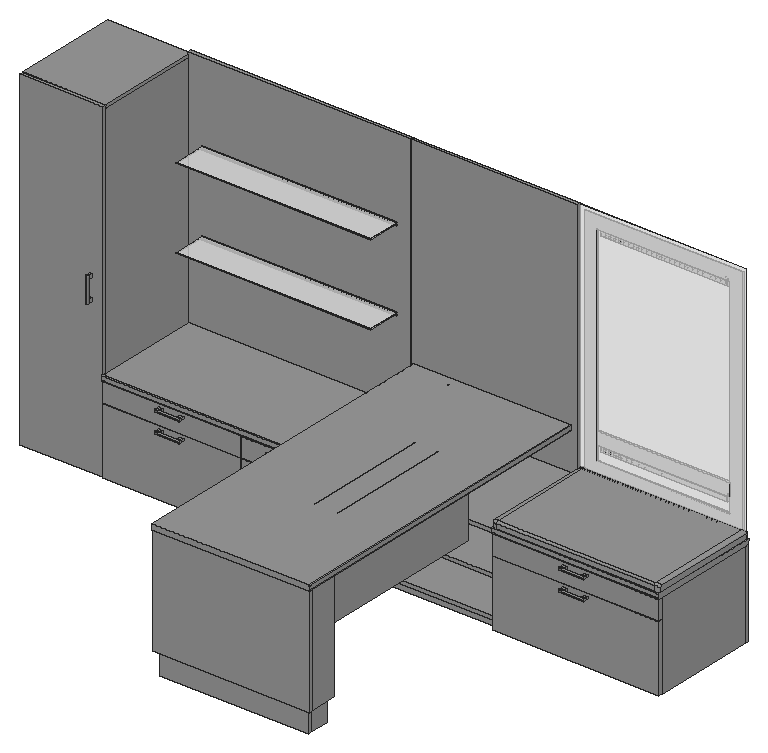
Revit family "JSI-Vision-Typical_Laminate-VST135", category Furniture, Revit 2020 (continued)
Definition of nested family "JSI-Vision-Adj_Height_Peninsula_Desk-Credenza"
  Definition of nested family "Mechanism Credenza"
    Automatic sketch dimensions
      curve 15 to curve 2 = 0.07915"
      curve 8 to curve 15 = 0.00443"
      Extrusion 1 sketch curve to plane 3 "Center (Left/Right)" = 1.14892"
      Extrusion 1 sketch curve to Extrusion 1 sketch curve = 0.09843"  (x5)
      plane 3 "Center (Left/Right)" to Extrusion 1 sketch curve = 1.09518"  (x4)
      plane 1 "Center (Front/Back)" to Extrusion 1 sketch curve = 5.42127"
      Extrusion 1 sketch curve to Extrusion 1 sketch curve = 2.14567"
      Extrusion 3 sketch curve to Extrusion 3 sketch curve = 1/8"  (x8)
      Extrusion 4 sketch curve to Extrusion 4 sketch curve = 5/64"  (x3)
      Extrusion 4 sketch curve to Extrusion 4 sketch curve = 1.10195"
      Extrusion 5 sketch curve to plane 3 "Center (Left/Right)" = 3.08071"
      Extrusion 5 sketch curve to Extrusion 5 sketch curve = 5/64"  (x2)
      Extrusion 5 sketch curve to Extrusion 5 sketch curve = 0.07696"
      Extrusion 5 sketch curve to Extrusion 5 sketch curve = 1.10195"
      Extrusion 6 sketch curve to Extrusion 6 sketch curve = 0.00009"  (x2)
      plane 4 to Extrusion 6 sketch curve = 3.49813"  (x2)
      plane 4 to Extrusion 6 sketch curve = 1.34389"
      Extrusion 6 sketch curve to Extrusion 6 sketch curve = 0.0001"
      plane 4 to Extrusion 7 sketch curve = 2.11382"  (x2)
      Extrusion 7 sketch curve to Extrusion 7 sketch curve = 0.04181"  (x2)
      Extrusion 7 sketch curve to Extrusion 7 sketch curve = 0.03878"
      Extrusion 7 sketch curve to Extrusion 7 sketch curve = 1/4"  (x2)
      Extrusion 7 sketch curve to Extrusion 7 sketch curve = 0.35002"
      Extrusion 7 sketch curve to Extrusion 7 sketch curve = 0.37482"
      Extrusion 7 sketch curve to Extrusion 7 sketch curve = 0.4021"  (x2)
      Extrusion 8 sketch curve to Extrusion 8 sketch curve = 0.70334"  (x2)
      Extrusion 8 sketch curve to Extrusion 8 sketch curve = 0.43796"
      Extrusion 8 sketch curve to Extrusion 8 sketch curve = 0"  (x2)
      Extrusion 9 sketch curve to plane 3 "Center (Left/Right)" = 9.50324"  (x2)
      Extrusion 9 sketch curve to Extrusion 9 sketch curve = 0.22043"  (x3)
      Extrusion 9 sketch curve to Extrusion 9 sketch curve = 4.08461"  (x4)
      Extrusion 9 sketch curve to Extrusion 9 sketch curve = 0.41297"  (x4)
      plane 5 to Extrusion 9 sketch curve = 3.21457"
      plane 3 "Center (Left/Right)" to Extrusion 9 sketch curve = 4.04569"  (x2)
      Extrusion 9 sketch curve to Extrusion 9 sketch curve = 3/8"  (x2)
      plane 5 to Extrusion 9 sketch curve = 1.97963"
      Extrusion 9 sketch curve to Extrusion 9 sketch curve = 0.36454"
      Extrusion 9 sketch curve to Extrusion 9 sketch curve = 0.58497"
      Extrusion 9 sketch curve to Extrusion 9 sketch curve = 0.12394"
      curve 9 to curve 9 = 18.3248"
      curve 26 to curve 28 = 0.2678"
      curve 18 to curve 30 = 0.2678"
      curve 43 to curve 42 = 0.2883"
      curve 43 to curve 43 = 0.12467"
      curve 40 to curve 38 = 3/8"
      curve 33 to curve 34 = 0.101"
      curve 37 to curve 36 = 0.101"
  Definition of nested family "Top Grommet"
    Parameters (values of type "Top Grommet")
      Gromett Finish [instance] = none
      Default Elevation = 0"
    Reference planes (in)
      plane 1 "Center Front/Back": y = 0
      plane 2: z = 0
      plane 3 "Center Left/Right": x = 0
    Forms (in)
      Sweep 1, solid, material <- "Gromett Finish"
        path origin (0, 0, 0) x (1, 0, 0) y (0, 1, 0)
          loop
            line (-1.75, 0.6875) -> (-1.75, -0.6875)
            arc (-1.75, -0.6875) -> (-1.64016, -0.95267) -> (-1.375, -1.0625) r 0.375
            line (-1.375, -1.0625) -> (1.375, -1.0625)
            arc (1.375, -1.0625) -> (1.64016, -0.95267) -> (1.75, -0.6875) r 0.375
            line (1.75, -0.6875) -> (1.75, 0.6875)
            arc (1.75, 0.6875) -> (1.64016, 0.95267) -> (1.375, 1.0625) r 0.375
            line (1.375, 1.0625) -> (-1.375, 1.0625)
            arc (-1.375, 1.0625) -> (-1.64016, 0.95267) -> (-1.75, 0.6875) r 0.375
        profile origin (-1.75, 0, 0) x (1, 0, 0) y (0, 0, 1)
          loop
            line (0.1875, 0) -> (0.1875, 0.03125) -> (0.08268, 0.03125)
            arc (0.08268, 0.03125) -> (0.03849, 0.02318) -> (0, 0) r 0.125
            line (0, 0) -> (0.1875, 0)
      Extrusion 2, solid, material <- "Gromett Finish"
        sketch origin (0, 0, 0) x (1, 0, 0) y (0, 1, 0)
          loop
            line (0.59375, 0.40625) -> (-0.59375, 0.40625)
            arc (-0.59375, 0.40625) -> (-0.77053, 0.33303) -> (-0.84375, 0.15625) r 0.25
            line (-0.84375, 0.15625) -> (-0.84375, -0.15625)
            arc (-0.84375, -0.15625) -> (-0.77053, -0.33303) -> (-0.59375, -0.40625) r 0.25
            line (-0.59375, -0.40625) -> (0.59375, -0.40625)
            arc (0.59375, -0.40625) -> (0.77053, -0.33303) -> (0.84375, -0.15625) r 0.25
            line (0.84375, -0.15625) -> (0.84375, 0.15625)
            arc (0.84375, 0.15625) -> (0.77053, 0.33303) -> (0.59375, 0.40625) r 0.25
          loop
            line (1.375, 0.85938) -> (-1.375, 0.85938)
            arc (-1.375, 0.85938) -> (-1.49653, 0.80903) -> (-1.54687, 0.6875) r 0.17188
            line (-1.54687, 0.6875) -> (-1.54687, -0.6875)
            arc (-1.54687, -0.6875) -> (-1.49653, -0.80903) -> (-1.375, -0.85937) r 0.17187
            line (-1.375, -0.85937) -> (1.375, -0.85937)
            arc (1.375, -0.85937) -> (1.49653, -0.80903) -> (1.54687, -0.6875) r 0.17188
            line (1.54687, -0.6875) -> (1.54687, 0.6875)
            arc (1.54687, 0.6875) -> (1.49653, 0.80903) -> (1.375, 0.85938) r 0.17188
        from -0.09375 to 0.03125
    Lines and regions (in)
      symbolic lines
        curve 1: line (-1.75, 0.6875, 0) -> (-1.75, -0.6875, 0)
        curve 2: arc (-1.75, -0.6875, 0) -> (-1.64016, -0.95267, 0) -> (-1.375, -1.0625, 0) r 0.375
        curve 3: line (-1.375, -1.0625, 0) -> (1.375, -1.0625, 0)
        curve 4: arc (1.375, -1.0625, 0) -> (1.64016, -0.95267, 0) -> (1.75, -0.6875, 0) r 0.375
        curve 5: line (1.75, -0.6875, 0) -> (1.75, 0.6875, 0)
        curve 6: arc (1.75, 0.6875, 0) -> (1.64016, 0.95267, 0) -> (1.375, 1.0625, 0) r 0.375
        curve 7: line (1.375, 1.0625, 0) -> (-1.375, 1.0625, 0)
        curve 8: arc (-1.375, 1.0625, 0) -> (-1.64016, 0.95267, 0) -> (-1.75, 0.6875, 0) r 0.375
        curve 9: line (0.59375, 0.40625, 0) -> (-0.59375, 0.40625, 0)
        curve 10: arc (-0.59375, 0.40625, 0) -> (-0.77053, 0.33303, 0) -> (-0.84375, 0.15625, 0) r 0.25
        curve 11: line (-0.84375, 0.15625, 0) -> (-0.84375, -0.15625, 0)
        curve 12: arc (-0.84375, -0.15625, 0) -> (-0.77053, -0.33303, 0) -> (-0.59375, -0.40625, 0) r 0.25
        curve 13: line (-0.59375, -0.40625, 0) -> (0.59375, -0.40625, 0)
        curve 14: arc (0.59375, -0.40625, 0) -> (0.77053, -0.33303, 0) -> (0.84375, -0.15625, 0) r 0.25
        curve 15: line (0.84375, -0.15625, 0) -> (0.84375, 0.15625, 0)
        curve 16: arc (0.84375, 0.15625, 0) -> (0.77053, 0.33303, 0) -> (0.59375, 0.40625, 0) r 0.25
    Dimensions and locks (in)
      aligned and locked: level to plane 2
Definition of nested family "JSI-Vision-Wall_Panel_Laminate"
  Parameters (values of type "Type Catalog")
    Width = 60"
    URL = "www.jsifurniture.com"
    Type Comments = ""
    Series = "Vision Casegoods"  # constant formula
    Model = "Type Catalog"
    Material = ""
    Manufacturer = "JSI"  # constant formula
    Keynote = "12500"  # constant formula
    SVX Enviromental Website = "http://www.jsifurniture.com/jsi_sustainability_intro.php"
    Height = 25"
    Hardware Finish = none
    Description = "Type Catalog"
    Depth = 15/16"
    Panel Finish = none
    Default Elevation = 0"
    Assembly Code = "E2020200"
  Reference planes (in)
    plane 1 "Center Front/Back": y = 0
    plane 2: z = 0
    plane 3 "Center Left/Right": x = 0
    plane 4: z = 0
    plane 5: z = 54.5
    plane 6: x = 60
    plane 7: y = -0.9375
    plane 8: z = 29.5
  Forms (in)
    Extrusion 1, solid, material <- "Panel Finish"
      sketch origin (0, -0.25, 0) x (1, 0, 0) y (0, 0, 1)
        loop
          line (0, 54.5) -> (0, 29.5) -> (60, 29.5) -> (60, 54.5) -> (0, 54.5)
      from 0.03002 to 0.6875
    Extrusion 2, solid, material <- "Hardware Finish"
      sketch origin (0, 0, 0) x (0, 1, 0) y (0, 0, 1)
        loop
          line (0, 36.40108) -> (0, 39.0625) -> (-0.28002, 39.0625) -> (-0.28002, 36.40108) -> (-0.20128, 36.40108) -> (-0.20128, 36.95226) -> (-0.07874, 36.95226) -> (-0.07874, 36.40108) -> (0, 36.40108)
      from 32.33858 to 3.66142
    Extrusion 3, solid, material <- "Hardware Finish"
      sketch origin (0, 0, 0) x (0, 1, 0) y (0, 0, 1)
        loop
          line (-0.1808, 36.95191) -> (-0.1808, 36.15) -> (-0.0558, 36.15) -> (-0.0558, 35.15) -> (0.0192, 35.15) -> (0.0192, 35.23062)
          arc (0.0192, 35.23062) -> (-0.01092, 35.26074) -> (0.0192, 35.29087) r 0.03012
          line (0.0192, 35.29087) -> (0.0192, 35.35562)
          arc (0.0192, 35.35562) -> (-0.01092, 35.38574) -> (0.0192, 35.41587) r 0.03012
          line (0.0192, 35.41587) -> (0.0192, 35.48062)
          arc (0.0192, 35.48062) -> (-0.01092, 35.51074) -> (0.0192, 35.54087) r 0.03012
          line (0.0192, 35.54087) -> (0.0192, 35.60562)
          arc (0.0192, 35.60562) -> (-0.01092, 35.63574) -> (0.0192, 35.66587) r 0.03012
          line (0.0192, 35.66587) -> (0.0192, 35.73062)
          arc (0.0192, 35.73062) -> (-0.01092, 35.76074) -> (0.0192, 35.79087) r 0.03012
          line (0.0192, 35.79087) -> (0.0192, 35.85562)
          arc (0.0192, 35.85562) -> (-0.01092, 35.88574) -> (0.0192, 35.91587) r 0.03012
          line (0.0192, 35.91587) -> (0.0192, 35.98062)
          arc (0.0192, 35.98062) -> (-0.01092, 36.01074) -> (0.0192, 36.04087) r 0.03012
          line (0.0192, 36.04087) -> (0.0192, 36.4) -> (-0.0858, 36.4) -> (-0.0858, 36.95191) -> (-0.1808, 36.95191)
        loop
          line (-0.1808, 51.38941) -> (-0.1808, 50.5875) -> (-0.0558, 50.5875) -> (-0.0558, 49.5875) -> (0.0192, 49.5875) -> (0.0192, 49.66812)
          arc (0.0192, 49.66812) -> (-0.01092, 49.69824) -> (0.0192, 49.72837) r 0.03012
          line (0.0192, 49.72837) -> (0.0192, 49.79312)
          arc (0.0192, 49.79312) -> (-0.01092, 49.82324) -> (0.0192, 49.85337) r 0.03012
          line (0.0192, 49.85337) -> (0.0192, 49.91812)
          arc (0.0192, 49.91812) -> (-0.01092, 49.94824) -> (0.0192, 49.97837) r 0.03012
          line (0.0192, 49.97837) -> (0.0192, 50.04312)
          arc (0.0192, 50.04312) -> (-0.01092, 50.07324) -> (0.0192, 50.10337) r 0.03012
          line (0.0192, 50.10337) -> (0.0192, 50.16812)
          arc (0.0192, 50.16812) -> (-0.01092, 50.19824) -> (0.0192, 50.22837) r 0.03012
          line (0.0192, 50.22837) -> (0.0192, 50.29312)
          arc (0.0192, 50.29312) -> (-0.01092, 50.32324) -> (0.0192, 50.35337) r 0.03012
          line (0.0192, 50.35337) -> (0.0192, 50.41812)
          arc (0.0192, 50.41812) -> (-0.01092, 50.44824) -> (0.0192, 50.47837) r 0.03012
          line (0.0192, 50.47837) -> (0.0192, 50.8375) -> (-0.0858, 50.8375) -> (-0.0858, 51.38941) -> (-0.1808, 51.38941)
      from 55.715 to 4.285
  Lines and regions (in)
    symbolic lines
      curve 1: line (0, -0.28002, 0) -> (60, -0.28002, 0)
      curve 2: line (0, -0.9375, 0) -> (0, -0.28002, 0)
      curve 3: line (60, -0.9375, 0) -> (0, -0.9375, 0)
      curve 4: line (60, -0.28002, 0) -> (60, -0.9375, 0)
      curve 5: line (1, -0.28002, 0) -> (1, 0, 0)
      curve 6: line (1, 0, 0) -> (59, 0, 0)
      curve 7: line (59, 0, 0) -> (59, -0.28002, 0)
  Dimensions and locks (in)
    "Width": plane 3 "Center Left/Right" to plane 6
    "Depth": plane 1 "Center Front/Back" to plane 7
    locked: plane 1 "Center Front/Back" to Extrusion 1 at 0.28002
    locked: plane 8 to plane 4 at 29.5
    "Height": plane 5 to plane 8
    Extrusion 2 sketch curve to Extrusion 2 sketch curve to Extrusion 2 sketch curve to plane 8 = 2.11024" locked, 0.55118" locked, 6.90108" locked
    plane 8 to Extrusion 3 sketch curve to Extrusion 3 sketch curve to Extrusion 3 sketch curve to Extrusion 3 sketch curve to Extrusion 3 sketch curve to Extrusion 3 sketch curve to Extrusion 3 sketch curve to Extrusion 3 sketch curve to Extrusion 3 sketch curve to Extrusion 3 sketch curve to Extrusion 3 sketch curve = 5.65" locked, 0.11074" locked, 1/8" locked, 1/8" locked, 1/8" locked, 1/8" locked, 1/8" locked, 1/8" locked, 0.13926" locked, 1/4" locked, 0.55191" locked
    Extrusion 3 sketch curve to Extrusion 3 sketch curve to Extrusion 3 sketch curve to Extrusion 3 sketch curve to Extrusion 3 sketch curve to Extrusion 3 sketch curve to Extrusion 3 sketch curve to Extrusion 3 sketch curve to Extrusion 3 sketch curve to Extrusion 3 sketch curve to Extrusion 3 sketch curve to plane 5 = 0.11074" locked, 1/8" locked, 1/8" locked, 1/8" locked, 1/8" locked, 1/8" locked, 1/8" locked, 0.13926" locked, 1/4" locked, 0.55191" locked, 3.11059" locked
    locked: plane 3 "Center Left/Right" to Extrusion 3 at 4.285
    locked: plane 6 to Extrusion 3 at 4.285
    aligned and locked: level to plane 2
    aligned and locked: plane 3 "Center Left/Right" to Extrusion 1 sketch curve
    aligned and locked: plane 6 to Extrusion 1 sketch curve
    aligned and locked: Extrusion 1 to plane 7
    aligned and locked: Extrusion 1 to plane 6
    aligned and locked: Extrusion 1 to plane 3 "Center Left/Right"
    aligned and locked: Extrusion 1 to plane 8
    aligned and locked: Extrusion 2 sketch curve to Extrusion 2 sketch curve
    aligned and locked: curve 1 to Extrusion 1
    aligned and locked: curve 2 to Extrusion 1
    aligned and locked: curve 3 to Extrusion 1
    aligned and locked: curve 4 to Extrusion 1
  Automatic sketch dimensions
    Extrusion 1 sketch curve to plane 8 = 0"
    Extrusion 1 sketch curve to plane 5 = 0"
    Extrusion 2 sketch curve to plane 1 "Center Front/Back" = 0"
    plane 1 "Center Front/Back" to Extrusion 2 sketch curve = 0.07874"
    Extrusion 2 sketch curve to Extrusion 2 sketch curve = 0.12254"
    Extrusion 2 sketch curve to Extrusion 2 sketch curve = 0.07874"
    plane 1 "Center Front/Back" to Extrusion 3 sketch curve = 0.1808"  (x2)
    plane 1 "Center Front/Back" to Extrusion 3 sketch curve = 0.0858"  (x2)
    plane 1 "Center Front/Back" to Extrusion 3 sketch curve = 0.0558"  (x2)
    Extrusion 3 sketch curve to plane 1 "Center Front/Back" = 0.0192"  (x2)
    Extrusion 3 sketch curve to Extrusion 3 sketch curve = 0.03012"  (x14)
    plane 1 "Center Front/Back" to curve 6 = 0"
    plane 3 "Center Left/Right" to curve 6 = 1"
    curve 7 to curve 1 = 1"
Definition of nested family "JSI-Vision-Filler_Back_Panel_for_Bench_Height"
  Parameters (values of type "VSVB0428MBK, Filler Back Panel for Bench Height 28"H, 4"W")
    Width = 4"
    URL = "www.jsifurniture.com"
    Type Comments = ""
    Series = "Vision Casegoods"  # constant formula
    Back Finish = none
    Model = "VSVB0428MBK"
    Material = ""
    Manufacturer = "JSI"  # constant formula
    Keynote = "12500"  # constant formula
    JSI Enviromental Website = "http://www.jsifurniture.com/jsi_sustainability_intro.php"
    Height = 28"
    Description = "Filler Back Panel Venner for Bench Height 3/4\"D x 18 3/4\"H x 4\"W"
    Depth = 3/4"
    Default Elevation = 0"
    Assembly Code = "E2020200"
  Types (4): name | Model | Height | Description
    VSTB0419MBK, Filler Back Panel for Bench Height 18 3/4"H, 4"W | "VSTB0419MBK" | 18 3/4" | "Filler Back Panel Laminate for Bench Height 3/4\"D x 18 3/4\"H x 4\"W"
    VSVB0419MBK, Filler Back Panel for Bench Height 18 3/4"H, 4"W | "VSVB0419MBK" | 18 3/4" | "Filler Back Panel Veneer for Bench Height 3/4\"D x 18 3/4\"H x 4\"W"
    VSTB0428MBK, Filler Back Panel for Bench Height 28"H, 4"W | "VSTB0428MBK" | 28" | "Filler Back Panel Laminate for Bench Height 3/4\"D x 18 3/4\"H x 4\"W"
    VSVB0428MBK, Filler Back Panel for Bench Height 28"H, 4"W | "VSVB0428MBK" | 28" | "Filler Back Panel Venner for Bench Height 3/4\"D x 18 3/4\"H x 4\"W"
  Reference planes (in)
    plane 1 "Center Front/Back": y = 0
    plane 2: z = 0
    plane 3 "Center Left/Right": x = 0
    plane 4: z = 0
    plane 5: x = 4
    plane 6: z = 28
    plane 7: y = -0.75
  Forms (in)
    Extrusion 1, solid, material <- "Back Finish"
      sketch origin (0, 1.5625, 0) x (1, 0, 0) y (0, 1, 0)
        loop
          line (0, -1.5625) -> (0, -2.3125) -> (4, -2.3125) -> (4, -1.5625) -> (0, -1.5625)
      from 0 to 28
  Lines and regions (in)
    symbolic lines
      curve 1: line (0, 0, 0) -> (4, 0, 0)
      curve 2: line (0, -0.75, 0) -> (0, 0, 0)
      curve 3: line (4, -0.75, 0) -> (0, -0.75, 0)
      curve 4: line (4, 0, 0) -> (4, -0.75, 0)
  Dimensions and locks (in)
    "Height": plane 6 to plane 4
    "Depth": plane 7 to plane 1 "Center Front/Back"
    "Width": plane 3 "Center Left/Right" to plane 5
    aligned and locked: level to plane 2
    aligned and locked: plane 6 to Extrusion 1
    aligned and locked: Extrusion 1 to plane 7
    aligned and locked: Extrusion 1 to plane 3 "Center Left/Right"
    aligned and locked: Extrusion 1 to plane 4
    aligned and locked: plane 5 to Extrusion 1
    aligned and locked: curve 1 to Extrusion 1
    aligned and locked: curve 2 to Extrusion 1
    aligned and locked: curve 3 to Extrusion 1
    aligned and locked: curve 4 to Extrusion 1
    aligned and locked: Extrusion 1 to plane 1 "Center Front/Back"
  Automatic sketch dimensions
    Extrusion 1 sketch curve to plane 3 "Center Left/Right" = 0"
    Extrusion 1 sketch curve to plane 5 = 0"
    Extrusion 1 sketch curve to plane 7 = 0"
    Extrusion 1 sketch curve to Extrusion 1 sketch curve = 3/4"
